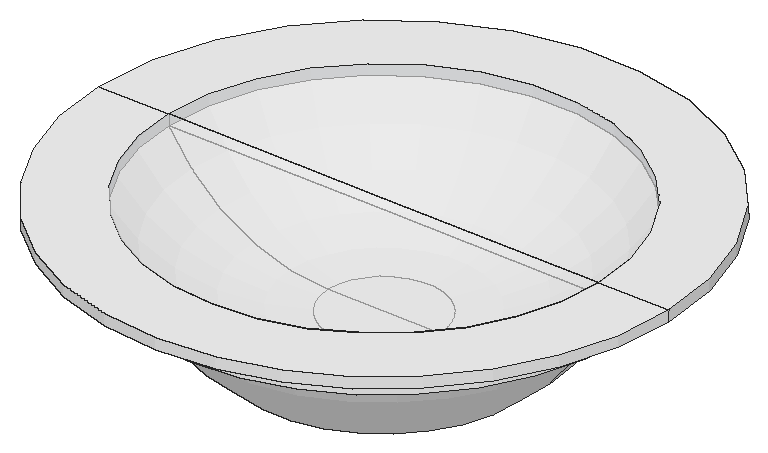
Revit family "0030324 Sylvania Lighting Fixture ST DWNLT 145 IP44 1100LM 830", category Lighting Fixtures, host Face, Revit 2016
Family settings
  Host = Face
  Part Type = Normal
  Round Connector Dimension = Use Diameter
  OmniClass Number = 23.80.70.00
  OmniClass Title = Lighting
  Cut with Voids When Loaded = No
  Light Source = Yes
  Shared = No
  Room Calculation Point = No
Parameters (values of type "0030324 ST DWNLT 145 IP44 1100LM 830")
  Weight = "kg"
  Wattage Comments = ""
  Wattage = 12 W
  WarrantyStartDate [instance] = "n/a"
  WarrantyGuarantorParts = "n/a"
  WarrantyDurationUnit = "n/a"
  WarrantyDurationParts = "n/a"
  WarrantyDescription = "n/a"
  built-in parameter 1150110 = 1 (stored number, unit not read)
  Voltage = 230 V
  URL = "http://www.sylvania-lighting.com"
  TypeName = "ST DWNLT 145 IP44 1100LM 830"
  Type Image = <None>
  Type Comments = "n/a"
  built-in parameter 1114217 = 1 (stored number, unit not read)
  Tilt Angle = -90.00°
  built-in parameter 1150109 = 1 (stored number, unit not read)
  built-in parameter 1150134 = (empty or 0)
  built-in parameter 1150113 = 1 (stored number, unit not read)
  SerialNumber [instance] = "n/a"
  S_SYL = yes
  RadiusTop_SYL = if(S_SYL, 80 mm, if(M_SYL, 100 mm, if(L_SYL, 120 mm, 120 mm)))  # 80 mm
  Photometric Web File = "0030324.ies"
  Material_3_FEILO = Top-Sylvania-STARTDownlight
  PowerFactor = 0.9
  PowerConsumption = "12 W"
  NominalLength = 165 mm
  NominalHeight = 41 mm
  NominalDepth = 165 mm
  Name = "ST DWNLT 145 IP44 1100LM 830"
  ModelReference = Name  # "ST DWNLT 145 IP44 1100LM 830"
  ModelNumber = "0030324"
  Model = Name  # "ST DWNLT 145 IP44 1100LM 830"
  Material = "aluminium housing, polycarbonate diffuser"
  ManufacturerName = "Feilo Sylvania"
  Manufacturer = "Feilo Sylvania"
  M_SYL = no
  LuminousEfficacy = "92 lm/W"
  built-in parameter 1150105 = 614.15 (stored number, unit not read)
  Lumens = 1104 lm
  LuminaireType = ""
  built-in parameter 1150115 = 1 (stored number, unit not read)
  LightOutputRatio = "100"
  built-in parameter 1150137 = (empty or 0)
  built-in parameter 1150139 = (empty or 0)
  LampsType = Lamp  # "LED"
  LampNominalLuminous = "1100 lm"
  LampMacAdamStep = "5"
  LampColourTemperature = "3000 K"
  LampColourRenderingIndex = "80"
  built-in parameter 1150112 = 1 (stored number, unit not read)
  built-in parameter 1150114 = 1 (stored number, unit not read)
  Lamp = "LED"
  L_SYL = no
  Keynote = "16500"
  InstallationDate [instance] = "n/a"
  InputVoltage = "220-240V~"
  InputNominalFrequency = "50/60 Hz"
  built-in parameter 1150132 = (empty or 0)
  built-in parameter 1150102 = (empty or 0)
  built-in parameter 1150107 = 3000 (stored number, unit not read)
  built-in parameter 1150138 = (empty or 0)
  IngressProtection = "IP20/44"
  ImpactProtectionIndex = "IK07"
  built-in parameter 1150106 = 6.1415 (stored number, unit not read)
  IfcExportType = "IfcLightFixtureType"
  IfcExportAs = "IfcLightFixtureType"
  Height_SYL = if(S_SYL, 41 mm, if(M_SYL, 47 mm, if(L_SYL, 56 mm, 62 mm)))  # 41 mm
  ExpectedLife = 50000
  Emit from Circle Diameter = Diameter_SYL - 40 mm  # 124 mm
  Emit Shape Visible in Rendering = no
  ElectricShockClassification = "Class II"
  built-in parameter 1150104 = 8.5471 (stored number, unit not read)
  DurationUnit = "hours"
  DocumentationLiterature = "http://www.sylvania-lighting.com/product/en-int/products/0030324"
  DimmingControlOptions = "Non dimmable"
  Material_2_FEILO = Diffuser-Sylvania-STARTDownlight
  Dimming Lamp Color Temperature Shift = <None>
  Diameter_SYL = if(S_SYL, 164 mm, if(M_SYL, 193 mm, if(L_SYL, 220 mm, 240 mm)))  # 164 mm
  DiameterTop_SYL = if(S_SYL, 77 mm, if(M_SYL, 81 mm, if(L_SYL, 104 mm, 105 mm)))  # 77 mm
  DiameterRecess_SYL = if(S_SYL, 141 mm, if(M_SYL, 169 mm, if(L_SYL, 198 mm, 216 mm)))  # 141 mm
  Description = ""
  Default Elevation = 1219.2 mm
  CreatedOn = "8/1/2018"
  CreatedBy = "@sylvania-lighting.com"
  Cost = 0
  Color Filter = 16777215
  built-in parameter 1114216 [instance] = (empty or 0)
  ClassificationValue = "EF_70_80"
  ClassificationName = "Uniclass2015"
  Material_1_FEILO = Trim-Sylvania-STARTDownlight-White
  BarCode [instance] = "n/a"
  built-in parameter 1114218 = 1 (stored number, unit not read)
  built-in parameter 1150133 = 10 (stored number, unit not read)
  AssetType = "Fixed"
  AssetIdentifier [instance] = "n/a"
  Assembly Code = "D5020200"
  Apparent Load = 12 VA
  Material_4_FEILO = LED-Sylvania-STARTDownlight
Reference planes
  plane 1 "Center (Front/Back)": y = 0
  plane 2: z = 0
  plane 3 "Center (Left/Right)": x = 0
  plane 4: x = 82
  plane 5: x = -82
  plane 6: z = 3
  plane 7: z = -8
  plane 8: z = -36
  plane 9: z = -38
  plane 10: x = -70.5
  plane 11: x = 70.5
  plane 12: x = -38.5
  plane 13: x = 38.5
  plane 14: x = -62
  plane 15: x = 62
  plane 16: z = -85
  plane 17: x = -62
  plane 18: z = 2
  plane 19: z = -26
  plane 20: x = -16
Forms (mm)
  Revolve 1, solid
    sketch origin (0, 0, 0) x (1, 0, 0) y (0, 0, 1)
      loop
        line (-82, 3) -> (-82, 0) -> (-70.5, 0) -> (-70.5, -8) -> (-62, -8)
        arc (-62, -8) -> (-51.871, -23.36) -> (-38.5, -36) r 80
        line (-38.5, -36) -> (0, -36) -> (0, -26) -> (-16, -26)
        arc (-16, -26) -> (-42.42, -19.05) -> (-62, 0) r 53.692
        line (-62, 0) -> (-62, 3) -> (-82, 3)
      axis (0, 3) -> (0, -36)
    angle from 360 to 0
  Revolve 2, void
    sketch origin (0, 0, 0) x (1, 0, 0) y (0, 0, 1)
      loop
        line (0, 0) -> (-70.5, 0) -> (-70.5, -85) -> (0, -85) -> (0, 0)
      axis (0, 0) -> (0, -85)
    angle from 360 to 0
  Revolve 3, solid, material "Diffuser-Sylvania-STARTDownlight" <- "Material_2_FEILO"
    sketch origin (0, 0, 0) x (1, 0, 0) y (0, 0, 1)
      loop
        line (-62, 3) -> (-62, 0) -> (0, 0) -> (0, 3) -> (-62, 3)
      axis (0, 3) -> (0, 0)
    angle from 360 to 0
Dimensions and locks
  equal spacing: plane 4, plane 3 "Center (Left/Right)", plane 5
  "Diameter_SYL": plane 4 to plane 5
  equal spacing: plane 11, plane 3 "Center (Left/Right)", plane 10
  equal spacing: plane 13, plane 3 "Center (Left/Right)", plane 12
  "DiameterTop_SYL": plane 13 to plane 12
  equal spacing: plane 15, plane 3 "Center (Left/Right)", plane 14
  locked: plane 6 to plane 2 at 3
  "Height_SYL": plane 6 to plane 9
  locked: plane 8 to plane 9 at 2
  locked: plane 2 to plane 7 at 8
  locked: plane 2 to plane 16 at 85
  locked: plane 17 to plane 5 at 20
  locked: plane 6 to plane 18 at 1
  "DiameterRecess_SYL": plane 11 to plane 10
  locked: plane 19 to plane 8 at 10
  locked: plane 3 "Center (Left/Right)" to plane 20 at 16
  locked: plane 14 to plane 5 at 20
  "RadiusTop_SYL": radius of Revolve 1 sketch curve
  aligned and locked: plane 2 to host face
  aligned and locked: level to host face
  aligned and locked: Revolve 1 sketch curve to plane 5
  aligned and locked: Revolve 1 sketch curve to level
  aligned and locked: plane 7 to Revolve 1 sketch curve
  aligned and locked: Revolve 1 sketch curve to plane 10
  aligned and locked: plane 14 to Revolve 1 sketch curve
  aligned and locked: plane 3 "Center (Left/Right)" to Revolve 1 sketch curve
  aligned and locked: Revolve 1 sketch curve to plane 8
  aligned and locked: Revolve 1 sketch curve to plane 3 "Center (Left/Right)"
  aligned and locked: Revolve 2 sketch curve to plane 3 "Center (Left/Right)"
  aligned and locked: plane 3 "Center (Left/Right)" to Revolve 2 sketch curve
  aligned and locked: Revolve 2 sketch curve to plane 10
  aligned and locked: plane 16 to Revolve 2 sketch curve
  aligned and locked: Revolve 1 sketch curve to plane 6
  aligned and locked: plane 19 to Revolve 1 sketch curve
  aligned and locked: plane 20 to Revolve 1 sketch curve
  aligned and locked: Revolve 1 sketch curve to Revolve 1 sketch curve
  aligned and locked: plane 17 to Revolve 1 sketch curve
  aligned and locked: plane 2 to Revolve 1 sketch curve
  aligned and locked: Revolve 3 sketch curve to plane 3 "Center (Left/Right)"  (x2)
  aligned and locked: plane 3 "Center (Left/Right)" to imposter light
  aligned and locked: imposter light to plane 18
  aligned and locked: imposter light to plane 1 "Center (Front/Back)"
  aligned and locked: plane 14 to Revolve 3 sketch curve
Automatic sketch dimensions
  host sketch curve to host sketch curve = 2438.4 mm  (x2)
  plane 16 to Revolve 2 sketch curve = 524.6 mm
  Revolve 2 sketch curve to plane 6 = 2606.058 mm
  Revolve 1 sketch curve to plane 12 = 0 mm
  plane 16 to Revolve 1 sketch curve = 524.6 mm
  Revolve 1 sketch curve to Revolve 1 sketch curve = 2581.366 mm
  Revolve 2 sketch curve to level = 0 mm
  Revolve 3 sketch curve to plane 6 = 0 mm
  Revolve 3 sketch curve to level = 0 mm
  plane 16 to Revolve 3 sketch curve = 524.6 mm
  Revolve 3 sketch curve to Revolve 3 sketch curve = 2606.058 mm
Connectors
  electrical at (0, 0, 0), driven by "Apparent Load", driven by "PowerFactor", driven by "Voltage"
    settings: index 1, voltage 230 V, apparent load 12 VA, apparent load phase1 0 VA, apparent load phase2 0 VA, apparent load phase3 0 VA, power factor 0.9, load classification "Lighting", number of poles 1, system type 30, power factor state 1, is connector primary yes, connector utility no, sub classification motor no, connector description ""
